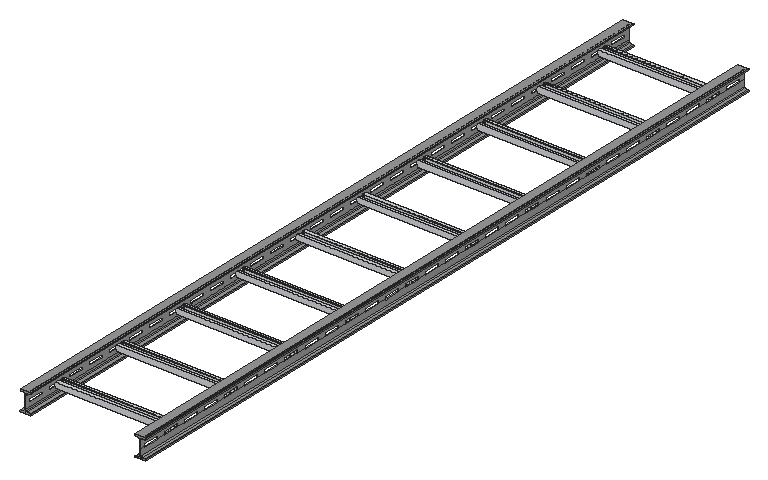
Revit family "Steigeleiter SLS80C40F 50FT", category Generic Models, Revit 2017
Family settings
  Can host rebar = No
  Round Connector Dimension = Use Diameter
  Part Type = Normal
  Work Plane-Based = No
  Always vertical = Yes
  Cut with Voids When Loaded = No
  Shared = No
  Room Calculation Point = No
Parameters (values of type "SLS80C40F 50 FT")
  Width = 500 mm
  URL = "http://www.obo-bettermann.com"
  Material = Hot dip galvanised
  Manufacturer Art.No. = "6010113"
  Manufacturer = "OBO BETTERMANN"
  GTIN = "4012196959969"
  Cut's number 2 = 30
  Cut's number = 10
  Article Type = "SLS80C40F 50 FT"
Reference planes
  plane 1 "Center (Front/Back)": y = 0
  plane 2: z = 0
  plane 3 "Center (Left/Right)": x = 0
  plane 4: z = 80
  plane 5: x = 42
  plane 6: x = 21
  plane 7: x = 39.7
  plane 8: x = 2.3
  plane 9: x = 2.3
  plane 10: x = 39.7
  plane 11: y = 3000
  plane 12: y = 165
  plane 13: x = 18.948
  plane 14: x = 23.005
  plane 15: z = 40
  plane 16: y = 2987
  plane 17: y = 2987
  plane 18: z = 28.487
  plane 19: z = 28.487
  plane 20: z = 28.487
  plane 21: z = 28.75
  plane 22: x = 476.949
  plane 23: z = 75.31
  plane 24: z = 73.38
  plane 25: z = 4.69
  plane 26: z = 6.62
  plane 27: x = 500
  plane 28: x = 479
  plane 29: x = 460.374
  plane 30: x = 497.6
  plane 31: z = 75.31
  plane 32: z = 73.38
  plane 33: z = 4.69
  plane 34: z = 6.62
  plane 35: z = 0
  plane 36: z = 40
  plane 37: z = 59.515
  plane 38: z = 22.728
  plane 39: y = 197.289
  plane 40: y = 140.264
  plane 41: y = 185
  plane 42: y = 145
  plane 43: z = 60
  plane 44: z = 20
  plane 45: y = 174
  plane 46: y = 156
  plane 47: z = 51.25
  plane 48: z = 28.75
  plane 49: y = 474
  plane 50: y = 456
  plane 51: z = 51.25
  plane 52: z = 28.75
  plane 53: y = 774
  plane 54: y = 756
  plane 55: z = 51.25
  plane 56: z = 28.75
  plane 57: y = 1074
  plane 58: y = 1056
  plane 59: z = 51.25
  plane 60: z = 28.75
  plane 61: y = 1374
  plane 62: y = 1356
  plane 63: z = 51.25
  plane 64: z = 28.75
  plane 65: y = 1674
  plane 66: y = 1656
  plane 67: z = 51.25
  plane 68: z = 28.75
  plane 69: y = 1974
  plane 70: y = 1956
  plane 71: z = 51.25
  plane 72: z = 28.75
  plane 73: y = 2274
  plane 74: y = 2256
  plane 75: z = 51.25
  plane 76: z = 28.75
  plane 77: y = 2574
  plane 78: y = 2556
  plane 79: z = 51.25
  plane 80: z = 28.75
  plane 81: y = 2874
  plane 82: y = 2856
  plane 83: z = 51.25
  plane 84: z = 28.75
  plane 85: x = 500
  plane 86: x = 0
Forms (mm)
  Extrusion 1, solid, material "Hot dip galvanised" <- "Material"
    sketch origin (0, 0, 0) x (1, 0, 0) y (0, 0, 1)
      loop
        line (0, 80) -> (0, 77.606)
        arc (0, 77.606) -> (0.674, 75.979) -> (2.3, 75.306) r 2.3
        line (2.3, 75.306) -> (15.534, 73.775)
        arc (15.534, 73.775) -> (17.971, 72.509) -> (18.948, 69.943) r 3.858
        line (18.948, 69.943) -> (18.948, 64.602) -> (18.948, 16.62) -> (18.948, 10.114)
        arc (18.948, 10.114) -> (17.951, 7.521) -> (15.472, 6.266) r 3.868
        line (15.472, 6.266) -> (2.135, 4.908)
        arc (2.135, 4.908) -> (0.511, 4.068) -> (0, 2.313) r 2.318
        line (0, 2.313) -> (0, 0) -> (42.017, 0) -> (42.017, 2.595)
        arc (42.017, 2.595) -> (41.419, 4.149) -> (39.933, 4.902) r 2.318
        line (39.933, 4.902) -> (26.502, 6.265)
        arc (26.502, 6.265) -> (24.009, 7.527) -> (23.005, 10.134) r 3.889
        line (23.005, 10.134) -> (23.005, 18.934) -> (23.005, 65.175) -> (23.005, 69.905)
        arc (23.005, 69.905) -> (23.994, 72.499) -> (26.457, 73.778) r 3.899
        line (26.457, 73.778) -> (39.695, 75.306)
        arc (39.695, 75.306) -> (41.416, 76.071) -> (42, 77.861) r 2.317
        line (42, 77.861) -> (42, 80) -> (0, 80)
    from -3000 to 0
  Extrusion 2, void
    sketch origin (0, 0, 0) x (0, 1, 0) y (0, 0, 1)
      loop
        line (2983, 33) -> (2983, 47) -> (2913, 47) -> (2913, 33) -> (2983, 33)
    from 18.987 to 23
  Extrusion 3, void
    sketch origin (0.098, 0, 0) x (0, 1, 0) y (0, 0, 1)
      loop
        line (83, 47) -> (13, 47) -> (13, 33) -> (83, 33) -> (83, 47)
    from 18.889 to 23
  Extrusion 4, void
    sketch origin (0, 100, 0) x (0, 1, 0) y (0, 0, 1)
      loop
        line (83, 47) -> (13, 47) -> (13, 33) -> (83, 33) -> (83, 47)
    from 18.889 to 23
  Extrusion 5, void
    sketch origin (0, 200, 0) x (0, 1, 0) y (0, 0, 1)
      loop
        line (83, 47) -> (13, 47) -> (13, 33) -> (83, 33) -> (83, 47)
    from 18.889 to 23
  Extrusion 6, void
    sketch origin (0, 300, 0) x (0, 1, 0) y (0, 0, 1)
      loop
        line (83, 47) -> (13, 47) -> (13, 33) -> (83, 33) -> (83, 47)
    from 18.889 to 23
  Extrusion 7, void
    sketch origin (0, 400, 0) x (0, 1, 0) y (0, 0, 1)
      loop
        line (83, 47) -> (13, 47) -> (13, 33) -> (83, 33) -> (83, 47)
    from 18.889 to 23
  Extrusion 8, void
    sketch origin (0, 500, 0) x (0, 1, 0) y (0, 0, 1)
      loop
        line (83, 47) -> (13, 47) -> (13, 33) -> (83, 33) -> (83, 47)
    from 18.889 to 23
  Extrusion 9, void
    sketch origin (0, 600, 0) x (0, 1, 0) y (0, 0, 1)
      loop
        line (83, 47) -> (13, 47) -> (13, 33) -> (83, 33) -> (83, 47)
    from 18.889 to 23
  Extrusion 10, void
    sketch origin (0, 700, 0) x (0, 1, 0) y (0, 0, 1)
      loop
        line (83, 47) -> (13, 47) -> (13, 33) -> (83, 33) -> (83, 47)
    from 18.889 to 23
  Extrusion 11, void
    sketch origin (0, 800, 0) x (0, 1, 0) y (0, 0, 1)
      loop
        line (83, 47) -> (13, 47) -> (13, 33) -> (83, 33) -> (83, 47)
    from 18.889 to 23
  Extrusion 12, void
    sketch origin (0, 900, 0) x (0, 1, 0) y (0, 0, 1)
      loop
        line (83, 47) -> (13, 47) -> (13, 33) -> (83, 33) -> (83, 47)
    from 18.889 to 23
  Extrusion 13, void
    sketch origin (0, 1000, 0) x (0, 1, 0) y (0, 0, 1)
      loop
        line (83, 47) -> (13, 47) -> (13, 33) -> (83, 33) -> (83, 47)
    from 18.889 to 23
  Extrusion 14, void
    sketch origin (0, 1100, 0) x (0, 1, 0) y (0, 0, 1)
      loop
        line (83, 47) -> (13, 47) -> (13, 33) -> (83, 33) -> (83, 47)
    from 18.889 to 23
  Extrusion 15, void
    sketch origin (0, 1200, 0) x (0, 1, 0) y (0, 0, 1)
      loop
        line (83, 47) -> (13, 47) -> (13, 33) -> (83, 33) -> (83, 47)
    from 18.889 to 23
  Extrusion 16, void
    sketch origin (0, 1300, 0) x (0, 1, 0) y (0, 0, 1)
      loop
        line (83, 47) -> (13, 47) -> (13, 33) -> (83, 33) -> (83, 47)
    from 18.889 to 23
  Extrusion 17, void
    sketch origin (0, 1400, 0) x (0, 1, 0) y (0, 0, 1)
      loop
        line (83, 47) -> (13, 47) -> (13, 33) -> (83, 33) -> (83, 47)
    from 18.889 to 23
  Extrusion 18, void
    sketch origin (0, 1500, 0) x (0, 1, 0) y (0, 0, 1)
      loop
        line (83, 47) -> (13, 47) -> (13, 33) -> (83, 33) -> (83, 47)
    from 18.889 to 23
  Extrusion 19, void
    sketch origin (0, 1600, 0) x (0, 1, 0) y (0, 0, 1)
      loop
        line (83, 47) -> (13, 47) -> (13, 33) -> (83, 33) -> (83, 47)
    from 18.889 to 23
  Extrusion 20, void
    sketch origin (0, 1700, 0) x (0, 1, 0) y (0, 0, 1)
      loop
        line (83, 47) -> (13, 47) -> (13, 33) -> (83, 33) -> (83, 47)
    from 18.889 to 23
  Extrusion 21, void
    sketch origin (0, 1800, 0) x (0, 1, 0) y (0, 0, 1)
      loop
        line (83, 47) -> (13, 47) -> (13, 33) -> (83, 33) -> (83, 47)
    from 18.889 to 23
  Extrusion 22, void
    sketch origin (0, 1900, 0) x (0, 1, 0) y (0, 0, 1)
      loop
        line (83, 47) -> (13, 47) -> (13, 33) -> (83, 33) -> (83, 47)
    from 18.889 to 23
  Extrusion 23, void
    sketch origin (0, 2000, 0) x (0, 1, 0) y (0, 0, 1)
      loop
        line (83, 47) -> (13, 47) -> (13, 33) -> (83, 33) -> (83, 47)
    from 18.889 to 23
  Extrusion 24, void
    sketch origin (0, 2100, 0) x (0, 1, 0) y (0, 0, 1)
      loop
        line (83, 47) -> (13, 47) -> (13, 33) -> (83, 33) -> (83, 47)
    from 18.889 to 23
  Extrusion 25, void
    sketch origin (0, 2200, 0) x (0, 1, 0) y (0, 0, 1)
      loop
        line (83, 47) -> (13, 47) -> (13, 33) -> (83, 33) -> (83, 47)
    from 18.889 to 23
  Extrusion 26, void
    sketch origin (0, 2300, 0) x (0, 1, 0) y (0, 0, 1)
      loop
        line (83, 47) -> (13, 47) -> (13, 33) -> (83, 33) -> (83, 47)
    from 18.889 to 23
  Extrusion 27, void
    sketch origin (0, 2400, 0) x (0, 1, 0) y (0, 0, 1)
      loop
        line (83, 47) -> (13, 47) -> (13, 33) -> (83, 33) -> (83, 47)
    from 18.889 to 23
  Extrusion 28, void
    sketch origin (0, 2500, 0) x (0, 1, 0) y (0, 0, 1)
      loop
        line (83, 47) -> (13, 47) -> (13, 33) -> (83, 33) -> (83, 47)
    from 18.889 to 23
  Extrusion 29, void
    sketch origin (0, 2600, 0) x (0, 1, 0) y (0, 0, 1)
      loop
        line (83, 47) -> (13, 47) -> (13, 33) -> (83, 33) -> (83, 47)
    from 18.889 to 23
  Extrusion 30, void
    sketch origin (0, 2700, 0) x (0, 1, 0) y (0, 0, 1)
      loop
        line (83, 47) -> (13, 47) -> (13, 33) -> (83, 33) -> (83, 47)
    from 18.889 to 23
  Extrusion 31, void
    sketch origin (0, 2800, 0) x (0, 1, 0) y (0, 0, 1)
      loop
        line (83, 47) -> (13, 47) -> (13, 33) -> (83, 33) -> (83, 47)
    from 18.889 to 23
  Extrusion 32, solid, material "Hot dip galvanised" <- "Material"
    sketch origin (100, 0, 0) x (1, 0, 0) y (0, 0, 1)
      loop
        line (400, 0) -> (400, 2.303)
        arc (400, 2.303) -> (399.337, 3.963) -> (397.688, 4.654) r 2.312
        line (397.688, 4.654) -> (384.401, 6.218)
        arc (384.401, 6.218) -> (381.964, 7.489) -> (380.987, 10.057) r 3.866
        line (380.987, 10.057) -> (380.987, 35.622) -> (380.987, 69.848)
        arc (380.987, 69.848) -> (381.996, 72.468) -> (384.501, 73.737) r 3.909
        line (384.501, 73.737) -> (397.906, 75.097)
        arc (397.906, 75.097) -> (399.399, 75.853) -> (400, 77.414) r 2.329
        line (400, 77.414) -> (400, 80) -> (357.974, 80) -> (357.974, 77.42)
        arc (357.974, 77.42) -> (358.577, 75.854) -> (360.073, 75.097) r 2.335
        line (360.073, 75.097) -> (373.486, 73.732)
        arc (373.486, 73.732) -> (375.955, 72.482) -> (376.949, 69.898) r 3.854
        line (376.949, 69.898) -> (376.949, 10.076)
        arc (376.949, 10.076) -> (375.966, 7.499) -> (373.515, 6.232) r 3.868
        line (373.515, 6.232) -> (360.308, 4.739)
        arc (360.308, 4.739) -> (358.656, 4.055) -> (357.972, 2.403) r 2.337
        line (357.972, 2.403) -> (357.972, 0) -> (400, 0)
    from -3000 to 0
  Extrusion 33, void
    sketch origin (0, 0, 0) x (0, 1, 0) y (0, 0, 1)
      loop
        line (13, 47) -> (13, 33) -> (83, 33) -> (83, 47) -> (13, 47)
    from 476.949 to 480.987
  Extrusion 34, void
    sketch origin (0, 100, 0) x (0, 1, 0) y (0, 0, 1)
      loop
        line (13, 47) -> (13, 33) -> (83, 33) -> (83, 47) -> (13, 47)
    from 476.949 to 480.987
  Extrusion 35, void
    sketch origin (0, 200, 0) x (0, 1, 0) y (0, 0, 1)
      loop
        line (13, 47) -> (13, 33) -> (83, 33) -> (83, 47) -> (13, 47)
    from 476.949 to 480.987
  Extrusion 36, void
    sketch origin (0, 300, 0) x (0, 1, 0) y (0, 0, 1)
      loop
        line (13, 47) -> (13, 33) -> (83, 33) -> (83, 47) -> (13, 47)
    from 476.949 to 480.987
  Extrusion 37, void
    sketch origin (0, 400, 0) x (0, 1, 0) y (0, 0, 1)
      loop
        line (13, 47) -> (13, 33) -> (83, 33) -> (83, 47) -> (13, 47)
    from 476.949 to 480.987
  Extrusion 38, void
    sketch origin (0, 500, 0) x (0, 1, 0) y (0, 0, 1)
      loop
        line (13, 47) -> (13, 33) -> (83, 33) -> (83, 47) -> (13, 47)
    from 476.949 to 480.987
  Extrusion 39, void
    sketch origin (0, 600, 0) x (0, 1, 0) y (0, 0, 1)
      loop
        line (13, 47) -> (13, 33) -> (83, 33) -> (83, 47) -> (13, 47)
    from 476.949 to 480.987
  Extrusion 40, void
    sketch origin (0, 700, 0) x (0, 1, 0) y (0, 0, 1)
      loop
        line (13, 47) -> (13, 33) -> (83, 33) -> (83, 47) -> (13, 47)
    from 476.949 to 480.987
  Extrusion 41, void
    sketch origin (0, 800, 0) x (0, 1, 0) y (0, 0, 1)
      loop
        line (13, 47) -> (13, 33) -> (83, 33) -> (83, 47) -> (13, 47)
    from 476.949 to 480.987
  Extrusion 42, void
    sketch origin (0, 900, 0) x (0, 1, 0) y (0, 0, 1)
      loop
        line (13, 47) -> (13, 33) -> (83, 33) -> (83, 47) -> (13, 47)
    from 476.949 to 480.987
  Extrusion 43, void
    sketch origin (0, 1000, 0) x (0, 1, 0) y (0, 0, 1)
      loop
        line (13, 47) -> (13, 33) -> (83, 33) -> (83, 47) -> (13, 47)
    from 476.949 to 480.987
  Extrusion 44, void
    sketch origin (0, 1100, 0) x (0, 1, 0) y (0, 0, 1)
      loop
        line (13, 47) -> (13, 33) -> (83, 33) -> (83, 47) -> (13, 47)
    from 476.949 to 480.987
  Extrusion 45, void
    sketch origin (0, 1200, 0) x (0, 1, 0) y (0, 0, 1)
      loop
        line (13, 47) -> (13, 33) -> (83, 33) -> (83, 47) -> (13, 47)
    from 476.949 to 480.987
  Extrusion 46, void
    sketch origin (0, 1300, 0) x (0, 1, 0) y (0, 0, 1)
      loop
        line (13, 47) -> (13, 33) -> (83, 33) -> (83, 47) -> (13, 47)
    from 476.949 to 480.987
  Extrusion 47, void
    sketch origin (0, 1400, 0) x (0, 1, 0) y (0, 0, 1)
      loop
        line (13, 47) -> (13, 33) -> (83, 33) -> (83, 47) -> (13, 47)
    from 476.949 to 480.987
  Extrusion 48, void
    sketch origin (0, 1500, 0) x (0, 1, 0) y (0, 0, 1)
      loop
        line (13, 47) -> (13, 33) -> (83, 33) -> (83, 47) -> (13, 47)
    from 476.949 to 480.987
  Extrusion 49, void
    sketch origin (0, 1600, 0) x (0, 1, 0) y (0, 0, 1)
      loop
        line (13, 47) -> (13, 33) -> (83, 33) -> (83, 47) -> (13, 47)
    from 476.949 to 480.987
  Extrusion 50, void
    sketch origin (0, 1700, 0) x (0, 1, 0) y (0, 0, 1)
      loop
        line (13, 47) -> (13, 33) -> (83, 33) -> (83, 47) -> (13, 47)
    from 476.949 to 480.987
  Extrusion 51, void
    sketch origin (0, 1800, 0) x (0, 1, 0) y (0, 0, 1)
      loop
        line (13, 47) -> (13, 33) -> (83, 33) -> (83, 47) -> (13, 47)
    from 476.949 to 480.987
  Extrusion 52, void
    sketch origin (0, 1900, 0) x (0, 1, 0) y (0, 0, 1)
      loop
        line (13, 47) -> (13, 33) -> (83, 33) -> (83, 47) -> (13, 47)
    from 476.949 to 480.987
  Extrusion 53, void
    sketch origin (0, 2000, 0) x (0, 1, 0) y (0, 0, 1)
      loop
        line (13, 47) -> (13, 33) -> (83, 33) -> (83, 47) -> (13, 47)
    from 476.949 to 480.987
  Extrusion 54, void
    sketch origin (0, 2100, 0) x (0, 1, 0) y (0, 0, 1)
      loop
        line (13, 47) -> (13, 33) -> (83, 33) -> (83, 47) -> (13, 47)
    from 476.949 to 480.987
  Extrusion 55, void
    sketch origin (0, 2200, 0) x (0, 1, 0) y (0, 0, 1)
      loop
        line (13, 47) -> (13, 33) -> (83, 33) -> (83, 47) -> (13, 47)
    from 476.949 to 480.987
  Extrusion 56, void
    sketch origin (0, 2300, 0) x (0, 1, 0) y (0, 0, 1)
      loop
        line (13, 47) -> (13, 33) -> (83, 33) -> (83, 47) -> (13, 47)
    from 476.949 to 480.987
  Extrusion 57, void
    sketch origin (0, 2400, 0) x (0, 1, 0) y (0, 0, 1)
      loop
        line (13, 47) -> (13, 33) -> (83, 33) -> (83, 47) -> (13, 47)
    from 476.949 to 480.987
  Extrusion 58, void
    sketch origin (0, 2500, 0) x (0, 1, 0) y (0, 0, 1)
      loop
        line (13, 47) -> (13, 33) -> (83, 33) -> (83, 47) -> (13, 47)
    from 476.949 to 480.987
  Extrusion 59, void
    sketch origin (0, 2600, 0) x (0, 1, 0) y (0, 0, 1)
      loop
        line (13, 47) -> (13, 33) -> (83, 33) -> (83, 47) -> (13, 47)
    from 476.949 to 480.987
  Extrusion 60, void
    sketch origin (0, 2700, 0) x (0, 1, 0) y (0, 0, 1)
      loop
        line (13, 47) -> (13, 33) -> (83, 33) -> (83, 47) -> (13, 47)
    from 476.949 to 480.987
  Extrusion 61, void
    sketch origin (0, 2800, 0) x (0, 1, 0) y (0, 0, 1)
      loop
        line (13, 47) -> (13, 33) -> (83, 33) -> (83, 47) -> (13, 47)
    from 476.949 to 480.987
  Extrusion 62, void
    sketch origin (0, 2900, 0) x (0, 1, 0) y (0, 0, 1)
      loop
        line (13, 47) -> (13, 33) -> (83, 33) -> (83, 47) -> (13, 47)
    from 476.949 to 480.987
  Extrusion 63, solid
    sketch origin (0, 0, 0) x (0, 1, 0) y (0, 0, 1)
      loop
        line (145, 51.25) -> (145, 28.75) -> (185, 28.75) -> (185, 51.25) -> (174, 51.25) -> (174, 49.25) -> (183, 49.25) -> (183, 30.75) -> (147, 30.75) -> (147, 49.25) -> (156, 49.25) -> (156, 51.25) -> (145, 51.25)
    from 23.005 to 476.949
  Extrusion 64, solid
    sketch origin (0, 300, 0) x (0, 1, 0) y (0, 0, 1)
      loop
        line (145, 51.25) -> (145, 28.75) -> (185, 28.75) -> (185, 51.25) -> (174, 51.25) -> (174, 49.25) -> (183, 49.25) -> (183, 30.75) -> (147, 30.75) -> (147, 49.25) -> (156, 49.25) -> (156, 51.25) -> (145, 51.25)
    from 23.005 to 476.949
  Extrusion 65, solid
    sketch origin (0, 600, 0) x (0, 1, 0) y (0, 0, 1)
      loop
        line (145, 51.25) -> (145, 28.75) -> (185, 28.75) -> (185, 51.25) -> (174, 51.25) -> (174, 49.25) -> (183, 49.25) -> (183, 30.75) -> (147, 30.75) -> (147, 49.25) -> (156, 49.25) -> (156, 51.25) -> (145, 51.25)
    from 23.005 to 476.949
  Extrusion 66, solid
    sketch origin (0, 900, 0) x (0, 1, 0) y (0, 0, 1)
      loop
        line (145, 51.25) -> (145, 28.75) -> (185, 28.75) -> (185, 51.25) -> (174, 51.25) -> (174, 49.25) -> (183, 49.25) -> (183, 30.75) -> (147, 30.75) -> (147, 49.25) -> (156, 49.25) -> (156, 51.25) -> (145, 51.25)
    from 23.005 to 476.949
  Extrusion 67, solid
    sketch origin (0, 1200, 0) x (0, 1, 0) y (0, 0, 1)
      loop
        line (145, 51.25) -> (145, 28.75) -> (185, 28.75) -> (185, 51.25) -> (174, 51.25) -> (174, 49.25) -> (183, 49.25) -> (183, 30.75) -> (147, 30.75) -> (147, 49.25) -> (156, 49.25) -> (156, 51.25) -> (145, 51.25)
    from 23.005 to 476.949
  Extrusion 68, solid
    sketch origin (0, 1500, 0) x (0, 1, 0) y (0, 0, 1)
      loop
        line (145, 51.25) -> (145, 28.75) -> (185, 28.75) -> (185, 51.25) -> (174, 51.25) -> (174, 49.25) -> (183, 49.25) -> (183, 30.75) -> (147, 30.75) -> (147, 49.25) -> (156, 49.25) -> (156, 51.25) -> (145, 51.25)
    from 23.005 to 476.949
  Extrusion 69, solid
    sketch origin (0, 1800, 0) x (0, 1, 0) y (0, 0, 1)
      loop
        line (145, 51.25) -> (145, 28.75) -> (185, 28.75) -> (185, 51.25) -> (174, 51.25) -> (174, 49.25) -> (183, 49.25) -> (183, 30.75) -> (147, 30.75) -> (147, 49.25) -> (156, 49.25) -> (156, 51.25) -> (145, 51.25)
    from 23.005 to 476.949
  Extrusion 70, solid
    sketch origin (0, 2100, 0) x (0, 1, 0) y (0, 0, 1)
      loop
        line (145, 51.25) -> (145, 28.75) -> (185, 28.75) -> (185, 51.25) -> (174, 51.25) -> (174, 49.25) -> (183, 49.25) -> (183, 30.75) -> (147, 30.75) -> (147, 49.25) -> (156, 49.25) -> (156, 51.25) -> (145, 51.25)
    from 23.005 to 476.949
  Extrusion 71, solid
    sketch origin (0, 2400, 0) x (0, 1, 0) y (0, 0, 1)
      loop
        line (145, 51.25) -> (145, 28.75) -> (185, 28.75) -> (185, 51.25) -> (174, 51.25) -> (174, 49.25) -> (183, 49.25) -> (183, 30.75) -> (147, 30.75) -> (147, 49.25) -> (156, 49.25) -> (156, 51.25) -> (145, 51.25)
    from 23.005 to 476.949
  Extrusion 72, solid
    sketch origin (0, 2700, 0) x (0, 1, 0) y (0, 0, 1)
      loop
        line (145, 51.25) -> (145, 28.75) -> (185, 28.75) -> (185, 51.25) -> (174, 51.25) -> (174, 49.25) -> (183, 49.25) -> (183, 30.75) -> (147, 30.75) -> (147, 49.25) -> (156, 49.25) -> (156, 51.25) -> (145, 51.25)
    from 23.005 to 476.949
Cuts and joins
  Extrusion 2, Extrusion 3, Extrusion 4, Extrusion 5, Extrusion 6, Extrusion 7, Extrusion 8, Extrusion 9, Extrusion 10, Extrusion 11, Extrusion 12, Extrusion 13, Extrusion 14, Extrusion 15, Extrusion 16, Extrusion 17, Extrusion 18, Extrusion 19, Extrusion 20, Extrusion 21, Extrusion 22, Extrusion 23, Extrusion 24, Extrusion 25, Extrusion 26, Extrusion 27, Extrusion 28, Extrusion 29, Extrusion 30, Extrusion 31 cuts Extrusion 1
  Extrusion 33, Extrusion 34, Extrusion 35, Extrusion 36, Extrusion 37, Extrusion 38, Extrusion 39, Extrusion 40, Extrusion 41, Extrusion 42, Extrusion 43, Extrusion 44, Extrusion 45, Extrusion 46, Extrusion 47, Extrusion 48, Extrusion 49, Extrusion 50, Extrusion 51, Extrusion 52, Extrusion 53, Extrusion 54, Extrusion 55, Extrusion 56, Extrusion 57, Extrusion 58, Extrusion 59, Extrusion 60, Extrusion 61, Extrusion 62 cuts Extrusion 32
Dimensions and locks
  locked: plane 6 to Extrusion 1 sketch curve at 21
  locked: Extrusion 1 sketch curve to Extrusion 1 sketch curve at 80
  locked: Extrusion 1 sketch curve to Extrusion 1 sketch curve at 42
  locked: Extrusion 1 sketch curve to Extrusion 1 sketch curve at 42.017
  locked: plane 1 "Center (Front/Back)" to plane 11 at 3000
  locked: cut or joined group 1 (Extrusion 1, Extrusion 2, Extrusion 3, Extrusion 4, Extrusion 5, Extrusion 6, Extrusion 7, Extrusion 8, Extrusion 9, Extrusion 10, Extrusion 11, Extrusion 12, Extrusion 13, Extrusion 14, Extrusion 15, Extrusion 16, Extrusion 17, Extrusion 18, Extrusion 19, Extrusion 20, Extrusion 21, Extrusion 22, Extrusion 23, Extrusion 24, Extrusion 25, Extrusion 26, Extrusion 27, Extrusion 28, Extrusion 29, Extrusion 30, Extrusion 31) to plane 15 at 40
  Extrusion 2 sketch curve to Extrusion 2 sketch curve = 70 mm
  cut or joined group 1 to Extrusion 2 sketch curve = 17 mm
  locked: Extrusion 2 sketch curve to Extrusion 2 sketch curve at 14
  locked: Extrusion 2 sketch curve to plane 15 at 7
  locked: plane 25 to Extrusion 1 sketch curve at 4.69
  locked: cut or joined group 1 to cut or joined group 1 at 42
  locked: cut or joined group 1 to cut or joined group 1 at 42.017
  locked: plane 27 to plane 28 at 21
  locked: Extrusion 32 sketch curve to Extrusion 32 sketch curve at 80
  locked: Extrusion 32 sketch curve to Extrusion 32 sketch curve at 42.028  (x2)
  locked: Extrusion 32 sketch curve to Extrusion 32 sketch curve at 42.026
  locked: plane 33 to plane 35 at 4.69
  locked: plane 34 to plane 35 at 6.62
  Extrusion 32 sketch curve to Extrusion 32 sketch curve = 80 mm
  locked: Extrusion 32 sketch curve to Extrusion 32 sketch curve at 4.038
  locked: Extrusion 32 sketch curve to Extrusion 32 sketch curve at 6.192
  locked: Extrusion 32 sketch curve to Extrusion 32 sketch curve at 6.232
  locked: Extrusion 32 sketch curve to Extrusion 32 sketch curve at 6.268
  locked: Extrusion 32 sketch curve to Extrusion 32 sketch curve at 6.243
  locked: cut or joined group 1 to cut or joined group 1 at 14
  locked: cut or joined group 1 to cut or joined group 1 at 70
  equal spacing: group 30, group 31, group 32, group 33, group 34, group 35, group 36, group 37, group 38, group 39, group 40, group 41, group 42, group 43, group 44, group 45, group 46, group 47, group 48, group 49, group 50, group 51, group 52, group 53, group 54, group 55, group 56, group 57, group 58, group 59  (x3)
  locked: plane 1 "Center (Front/Back)" to plane 12 at 165
  cut or joined group 2 (Extrusion 32, Extrusion 33, Extrusion 34, Extrusion 35, Extrusion 36, Extrusion 37, Extrusion 38, Extrusion 39, Extrusion 40, Extrusion 41, Extrusion 42, Extrusion 43, Extrusion 44, Extrusion 45, Extrusion 46, Extrusion 47, Extrusion 48, Extrusion 49, Extrusion 50, Extrusion 51, Extrusion 52, Extrusion 53, Extrusion 54, Extrusion 55, Extrusion 56, Extrusion 57, Extrusion 58, Extrusion 59, Extrusion 60, Extrusion 61, Extrusion 62) to cut or joined group 2 = 80 mm
  locked: cut or joined group 2 to plane 36 at 40
  plane 12 to plane 39 = 32.289 mm
  locked: plane 36 to plane 43 at 20
  locked: plane 36 to plane 44 at 20
  plane 12 to plane 41 = 20 mm
  locked: plane 42 to plane 12 at 20
  locked: Extrusion 63 sketch curve to Extrusion 63 sketch curve at 22.5  (x2)
  locked: Extrusion 63 sketch curve to Extrusion 63 sketch curve at 40
  locked: Extrusion 63 sketch curve to Extrusion 63 sketch curve at 18
  locked: Extrusion 63 sketch curve to Extrusion 63 sketch curve at 18.5  (x2)
  locked: Extrusion 64 sketch curve to Extrusion 64 sketch curve at 22.5  (x2)
  locked: Extrusion 64 sketch curve to Extrusion 64 sketch curve at 40
  locked: Extrusion 64 sketch curve to Extrusion 64 sketch curve at 18
  locked: Extrusion 64 sketch curve to Extrusion 64 sketch curve at 18.5  (x2)
  equal spacing: group 60, group 61, group 62, group 63, group 64, group 65, group 66, group 67, group 68, group 69  (x3)
  locked: Extrusion 65 sketch curve to Extrusion 65 sketch curve at 22.5  (x2)
  locked: Extrusion 65 sketch curve to Extrusion 65 sketch curve at 40
  locked: Extrusion 65 sketch curve to Extrusion 65 sketch curve at 18
  locked: Extrusion 65 sketch curve to Extrusion 65 sketch curve at 18.5  (x2)
  locked: Extrusion 66 sketch curve to Extrusion 66 sketch curve at 22.5  (x2)
  locked: Extrusion 66 sketch curve to Extrusion 66 sketch curve at 40
  locked: Extrusion 66 sketch curve to Extrusion 66 sketch curve at 18
  locked: Extrusion 66 sketch curve to Extrusion 66 sketch curve at 18.5  (x2)
  locked: Extrusion 67 sketch curve to Extrusion 67 sketch curve at 22.5  (x2)
  locked: Extrusion 67 sketch curve to Extrusion 67 sketch curve at 40
  locked: Extrusion 67 sketch curve to Extrusion 67 sketch curve at 18
  locked: Extrusion 67 sketch curve to Extrusion 67 sketch curve at 18.5  (x2)
  locked: Extrusion 68 sketch curve to Extrusion 68 sketch curve at 22.5  (x2)
  locked: Extrusion 68 sketch curve to Extrusion 68 sketch curve at 40
  locked: Extrusion 68 sketch curve to Extrusion 68 sketch curve at 18
  locked: Extrusion 68 sketch curve to Extrusion 68 sketch curve at 18.5  (x2)
  locked: Extrusion 69 sketch curve to Extrusion 69 sketch curve at 22.5  (x2)
  locked: Extrusion 69 sketch curve to Extrusion 69 sketch curve at 40
  locked: Extrusion 69 sketch curve to Extrusion 69 sketch curve at 18
  locked: Extrusion 69 sketch curve to Extrusion 69 sketch curve at 18.5  (x2)
  locked: Extrusion 70 sketch curve to Extrusion 70 sketch curve at 22.5  (x2)
  locked: Extrusion 70 sketch curve to Extrusion 70 sketch curve at 40
  locked: Extrusion 70 sketch curve to Extrusion 70 sketch curve at 18
  locked: Extrusion 70 sketch curve to Extrusion 70 sketch curve at 18.5  (x2)
  locked: Extrusion 71 sketch curve to Extrusion 71 sketch curve at 22.5  (x2)
  locked: Extrusion 71 sketch curve to Extrusion 71 sketch curve at 40
  locked: Extrusion 71 sketch curve to Extrusion 71 sketch curve at 18
  locked: Extrusion 71 sketch curve to Extrusion 71 sketch curve at 18.5  (x2)
  locked: Extrusion 72 sketch curve to Extrusion 72 sketch curve at 22.5  (x2)
  locked: Extrusion 72 sketch curve to Extrusion 72 sketch curve at 40
  locked: Extrusion 72 sketch curve to Extrusion 72 sketch curve at 18
  locked: Extrusion 72 sketch curve to Extrusion 72 sketch curve at 18.5  (x2)
  locked: Extrusion 63 to cut or joined group 2 at 23.051
  locked: cut or joined group 1 to Extrusion 63 at 23.005
  locked: Extrusion 64 to cut or joined group 2 at 23.051
  locked: cut or joined group 1 to Extrusion 64 at 23.005
  locked: Extrusion 65 to cut or joined group 2 at 23.051
  locked: cut or joined group 1 to Extrusion 65 at 23.005
  "Width": plane 85 to plane 86
  aligned and locked: level to plane 2
  aligned and locked: Extrusion 1 to level
  aligned and locked: plane 1 "Center (Front/Back)" to Extrusion 1
  aligned and locked: plane 11 to Extrusion 1
  aligned and locked: cut or joined group 1 to plane 3 "Center (Left/Right)"  (x2)
  aligned and locked: Extrusion 32 to Extrusion 33
  aligned and locked: Extrusion 33 to plane 22
  aligned and locked: plane 46 to Extrusion 63 sketch curve
  aligned and locked: Extrusion 63 sketch curve to plane 48
  aligned and locked: Extrusion 63 to plane 14
  aligned and locked: plane 22 to Extrusion 63
  aligned and locked: plane 50 to Extrusion 64 sketch curve
  aligned and locked: Extrusion 64 sketch curve to plane 52
  aligned and locked: plane 54 to Extrusion 65 sketch curve
  aligned and locked: Extrusion 65 sketch curve to plane 56
  aligned and locked: plane 58 to Extrusion 66 sketch curve
  aligned and locked: Extrusion 66 sketch curve to plane 60
  aligned and locked: plane 62 to Extrusion 67 sketch curve
  aligned and locked: Extrusion 67 sketch curve to plane 64
  aligned and locked: plane 66 to Extrusion 68 sketch curve
  aligned and locked: Extrusion 68 sketch curve to plane 68
  aligned and locked: plane 70 to Extrusion 69 sketch curve
  aligned and locked: Extrusion 69 sketch curve to plane 72
  aligned and locked: plane 74 to Extrusion 70 sketch curve
  aligned and locked: Extrusion 70 sketch curve to plane 76
  aligned and locked: plane 78 to Extrusion 71 sketch curve
  aligned and locked: Extrusion 71 sketch curve to plane 80
  aligned and locked: plane 82 to Extrusion 72 sketch curve
  aligned and locked: Extrusion 72 sketch curve to plane 84
  aligned and locked: plane 85 to cut or joined group 2  (x2)
  aligned and locked: plane 86 to cut or joined group 1  (x2)
Automatic sketch dimensions
  Extrusion 3 sketch curve to Extrusion 3 sketch curve = 70 mm
  Extrusion 3 sketch curve to Extrusion 3 sketch curve = 14 mm
  Extrusion 4 sketch curve to Extrusion 4 sketch curve = 70 mm
  Extrusion 4 sketch curve to Extrusion 4 sketch curve = 14 mm
  Extrusion 5 sketch curve to Extrusion 5 sketch curve = 70 mm
  Extrusion 5 sketch curve to Extrusion 5 sketch curve = 14 mm
  Extrusion 6 sketch curve to Extrusion 6 sketch curve = 70 mm
  Extrusion 6 sketch curve to Extrusion 6 sketch curve = 14 mm
  Extrusion 7 sketch curve to Extrusion 7 sketch curve = 70 mm
  Extrusion 7 sketch curve to Extrusion 7 sketch curve = 14 mm
  Extrusion 8 sketch curve to Extrusion 8 sketch curve = 70 mm
  Extrusion 8 sketch curve to Extrusion 8 sketch curve = 14 mm
  Extrusion 9 sketch curve to Extrusion 9 sketch curve = 70 mm
  Extrusion 9 sketch curve to Extrusion 9 sketch curve = 14 mm
  Extrusion 10 sketch curve to Extrusion 10 sketch curve = 70 mm
  Extrusion 10 sketch curve to Extrusion 10 sketch curve = 14 mm
  Extrusion 11 sketch curve to Extrusion 11 sketch curve = 70 mm
  Extrusion 11 sketch curve to Extrusion 11 sketch curve = 14 mm
  Extrusion 12 sketch curve to Extrusion 12 sketch curve = 70 mm
  Extrusion 12 sketch curve to Extrusion 12 sketch curve = 14 mm
  Extrusion 13 sketch curve to Extrusion 13 sketch curve = 70 mm
  Extrusion 13 sketch curve to Extrusion 13 sketch curve = 14 mm
  Extrusion 14 sketch curve to Extrusion 14 sketch curve = 70 mm
  Extrusion 14 sketch curve to Extrusion 14 sketch curve = 14 mm
  Extrusion 15 sketch curve to Extrusion 15 sketch curve = 70 mm
  Extrusion 15 sketch curve to Extrusion 15 sketch curve = 14 mm
  Extrusion 16 sketch curve to Extrusion 16 sketch curve = 70 mm
  Extrusion 16 sketch curve to Extrusion 16 sketch curve = 14 mm
  Extrusion 17 sketch curve to Extrusion 17 sketch curve = 70 mm
  Extrusion 17 sketch curve to Extrusion 17 sketch curve = 14 mm
  Extrusion 18 sketch curve to Extrusion 18 sketch curve = 70 mm
  Extrusion 18 sketch curve to Extrusion 18 sketch curve = 14 mm
  Extrusion 19 sketch curve to Extrusion 19 sketch curve = 70 mm
  Extrusion 19 sketch curve to Extrusion 19 sketch curve = 14 mm
  Extrusion 20 sketch curve to Extrusion 20 sketch curve = 70 mm
  Extrusion 20 sketch curve to Extrusion 20 sketch curve = 14 mm
  Extrusion 21 sketch curve to Extrusion 21 sketch curve = 70 mm
  Extrusion 21 sketch curve to Extrusion 21 sketch curve = 14 mm
  Extrusion 22 sketch curve to Extrusion 22 sketch curve = 70 mm
  Extrusion 22 sketch curve to Extrusion 22 sketch curve = 14 mm
  Extrusion 23 sketch curve to Extrusion 23 sketch curve = 70 mm
  Extrusion 23 sketch curve to Extrusion 23 sketch curve = 14 mm
  Extrusion 24 sketch curve to Extrusion 24 sketch curve = 70 mm
  Extrusion 24 sketch curve to Extrusion 24 sketch curve = 14 mm
  Extrusion 25 sketch curve to Extrusion 25 sketch curve = 70 mm
  Extrusion 25 sketch curve to Extrusion 25 sketch curve = 14 mm
  Extrusion 26 sketch curve to Extrusion 26 sketch curve = 70 mm
  Extrusion 26 sketch curve to Extrusion 26 sketch curve = 14 mm
  Extrusion 27 sketch curve to Extrusion 27 sketch curve = 70 mm
  Extrusion 27 sketch curve to Extrusion 27 sketch curve = 14 mm
  Extrusion 28 sketch curve to Extrusion 28 sketch curve = 70 mm
  Extrusion 28 sketch curve to Extrusion 28 sketch curve = 14 mm
  Extrusion 29 sketch curve to Extrusion 29 sketch curve = 70 mm
  Extrusion 29 sketch curve to Extrusion 29 sketch curve = 14 mm
  Extrusion 30 sketch curve to Extrusion 30 sketch curve = 70 mm
  Extrusion 30 sketch curve to Extrusion 30 sketch curve = 14 mm
  Extrusion 31 sketch curve to Extrusion 31 sketch curve = 70 mm
  Extrusion 31 sketch curve to Extrusion 31 sketch curve = 14 mm
  Extrusion 1 sketch curve to plane 8 = 0.165 mm
  plane 8 to Extrusion 1 sketch curve = 0 mm
  plane 8 to Extrusion 1 sketch curve = 0.001 mm
  Extrusion 1 sketch curve to Extrusion 1 sketch curve = 3.868 mm
  Extrusion 1 sketch curve to Extrusion 1 sketch curve = 3.858 mm
  Extrusion 1 sketch curve to plane 26 = 0.354 mm
  plane 24 to Extrusion 1 sketch curve = 0.395 mm
  plane 24 to Extrusion 1 sketch curve = 0.398 mm
  Extrusion 1 sketch curve to plane 26 = 0.355 mm
  Extrusion 1 sketch curve to Extrusion 1 sketch curve = 0.393 mm
  Extrusion 1 sketch curve to plane 24 = 3.475 mm
  Extrusion 1 sketch curve to plane 7 = 0.005 mm
  Extrusion 1 sketch curve to plane 7 = 0.001 mm
  Extrusion 1 sketch curve to plane 25 = 2.095 mm
  Extrusion 1 sketch curve to Extrusion 1 sketch curve = 6.506 mm
  Extrusion 1 sketch curve to Extrusion 1 sketch curve = 2.314 mm
  Extrusion 1 sketch curve to Extrusion 1 sketch curve = 5.34 mm
  Extrusion 1 sketch curve to Extrusion 1 sketch curve = 0.573 mm
  Extrusion 1 sketch curve to plane 23 = 0.004 mm  (x2)
  Extrusion 1 sketch curve to Extrusion 1 sketch curve = 2.317 mm
  Extrusion 1 sketch curve to plane 8 = 2.3 mm
  Extrusion 1 sketch curve to plane 6 = 5.92 mm
  Extrusion 1 sketch curve to Extrusion 1 sketch curve = 0.392 mm
  Extrusion 1 sketch curve to Extrusion 1 sketch curve = 0.443 mm
  plane 6 to Extrusion 1 sketch curve = 2.005 mm
  Extrusion 1 sketch curve to Extrusion 1 sketch curve = 3.452 mm
  Extrusion 1 sketch curve to Extrusion 1 sketch curve = 3.496 mm
  Extrusion 32 sketch curve to plane 27 = 0 mm  (x2)
  Extrusion 32 sketch curve to plane 29 = 0.301 mm
  Extrusion 32 sketch curve to plane 29 = 0.066 mm  (x2)
  Extrusion 32 sketch curve to plane 29 = 0.065 mm
  Extrusion 32 sketch curve to Extrusion 32 sketch curve = 0.39 mm
  Extrusion 32 sketch curve to Extrusion 32 sketch curve = 3.414 mm
  plane 30 to Extrusion 32 sketch curve = 0.071 mm
  plane 30 to Extrusion 32 sketch curve = 0.088 mm
  Extrusion 32 sketch curve to Extrusion 32 sketch curve = 2.303 mm
  plane 28 to Extrusion 32 sketch curve = 1.987 mm
  Extrusion 32 sketch curve to Extrusion 32 sketch curve = 0.395 mm
  Extrusion 32 sketch curve to plane 35 = 0 mm
  Extrusion 32 sketch curve to Extrusion 32 sketch curve = 25.564 mm
  Extrusion 32 sketch curve to plane 31 = 0.213 mm
  Extrusion 32 sketch curve to plane 27 = 2.094 mm
  Extrusion 32 sketch curve to plane 32 = 3.482 mm
  Extrusion 32 sketch curve to plane 22 = 3.434 mm
  Extrusion 32 sketch curve to Extrusion 32 sketch curve = 0.038 mm
  Extrusion 32 sketch curve to plane 33 = 2.287 mm
  level to Extrusion 1 sketch curve = 2.313 mm
  Extrusion 33 sketch curve to Extrusion 33 sketch curve = 70 mm
  Extrusion 33 sketch curve to Extrusion 33 sketch curve = 14 mm
  Extrusion 34 sketch curve to Extrusion 34 sketch curve = 70 mm
  Extrusion 34 sketch curve to Extrusion 34 sketch curve = 14 mm
  Extrusion 35 sketch curve to Extrusion 35 sketch curve = 70 mm
  Extrusion 35 sketch curve to Extrusion 35 sketch curve = 14 mm
  Extrusion 36 sketch curve to Extrusion 36 sketch curve = 70 mm
  Extrusion 36 sketch curve to Extrusion 36 sketch curve = 14 mm
  Extrusion 37 sketch curve to Extrusion 37 sketch curve = 70 mm
  Extrusion 37 sketch curve to Extrusion 37 sketch curve = 14 mm
  Extrusion 38 sketch curve to Extrusion 38 sketch curve = 70 mm
  Extrusion 38 sketch curve to Extrusion 38 sketch curve = 14 mm
  Extrusion 39 sketch curve to Extrusion 39 sketch curve = 70 mm
  Extrusion 39 sketch curve to Extrusion 39 sketch curve = 14 mm
  Extrusion 40 sketch curve to Extrusion 40 sketch curve = 70 mm
  Extrusion 40 sketch curve to Extrusion 40 sketch curve = 14 mm
  Extrusion 41 sketch curve to Extrusion 41 sketch curve = 70 mm
  Extrusion 41 sketch curve to Extrusion 41 sketch curve = 14 mm
  Extrusion 42 sketch curve to Extrusion 42 sketch curve = 70 mm
  Extrusion 42 sketch curve to Extrusion 42 sketch curve = 14 mm
  Extrusion 43 sketch curve to Extrusion 43 sketch curve = 70 mm
  Extrusion 43 sketch curve to Extrusion 43 sketch curve = 14 mm
  Extrusion 44 sketch curve to Extrusion 44 sketch curve = 70 mm
  Extrusion 44 sketch curve to Extrusion 44 sketch curve = 14 mm
  Extrusion 45 sketch curve to Extrusion 45 sketch curve = 70 mm
  Extrusion 45 sketch curve to Extrusion 45 sketch curve = 14 mm
  Extrusion 46 sketch curve to Extrusion 46 sketch curve = 70 mm
  Extrusion 46 sketch curve to Extrusion 46 sketch curve = 14 mm
  Extrusion 47 sketch curve to Extrusion 47 sketch curve = 70 mm
  Extrusion 47 sketch curve to Extrusion 47 sketch curve = 14 mm
  Extrusion 48 sketch curve to Extrusion 48 sketch curve = 70 mm
  Extrusion 48 sketch curve to Extrusion 48 sketch curve = 14 mm
  Extrusion 49 sketch curve to Extrusion 49 sketch curve = 70 mm
  Extrusion 49 sketch curve to Extrusion 49 sketch curve = 14 mm
  Extrusion 50 sketch curve to Extrusion 50 sketch curve = 70 mm
  Extrusion 50 sketch curve to Extrusion 50 sketch curve = 14 mm
  Extrusion 51 sketch curve to Extrusion 51 sketch curve = 70 mm
  Extrusion 51 sketch curve to Extrusion 51 sketch curve = 14 mm
  Extrusion 52 sketch curve to Extrusion 52 sketch curve = 70 mm
  Extrusion 52 sketch curve to Extrusion 52 sketch curve = 14 mm
  Extrusion 53 sketch curve to Extrusion 53 sketch curve = 70 mm
  Extrusion 53 sketch curve to Extrusion 53 sketch curve = 14 mm
  Extrusion 54 sketch curve to Extrusion 54 sketch curve = 70 mm
  Extrusion 54 sketch curve to Extrusion 54 sketch curve = 14 mm
  Extrusion 55 sketch curve to Extrusion 55 sketch curve = 70 mm
  Extrusion 55 sketch curve to Extrusion 55 sketch curve = 14 mm
  Extrusion 56 sketch curve to Extrusion 56 sketch curve = 70 mm
  Extrusion 56 sketch curve to Extrusion 56 sketch curve = 14 mm
  Extrusion 57 sketch curve to Extrusion 57 sketch curve = 70 mm
  Extrusion 57 sketch curve to Extrusion 57 sketch curve = 14 mm
  Extrusion 58 sketch curve to Extrusion 58 sketch curve = 70 mm
  Extrusion 58 sketch curve to Extrusion 58 sketch curve = 14 mm
  Extrusion 59 sketch curve to Extrusion 59 sketch curve = 70 mm
  Extrusion 59 sketch curve to Extrusion 59 sketch curve = 14 mm
  Extrusion 60 sketch curve to Extrusion 60 sketch curve = 70 mm
  Extrusion 60 sketch curve to Extrusion 60 sketch curve = 14 mm
  Extrusion 61 sketch curve to Extrusion 61 sketch curve = 70 mm
  Extrusion 61 sketch curve to Extrusion 61 sketch curve = 14 mm
  Extrusion 62 sketch curve to Extrusion 62 sketch curve = 70 mm
  Extrusion 62 sketch curve to Extrusion 62 sketch curve = 14 mm
  plane 48 to Extrusion 63 sketch curve = 2 mm
  Extrusion 63 sketch curve to plane 46 = 9 mm
  Extrusion 63 sketch curve to Extrusion 63 sketch curve = 2 mm  (x2)
  plane 52 to Extrusion 64 sketch curve = 2 mm
  Extrusion 64 sketch curve to plane 50 = 9 mm
  Extrusion 64 sketch curve to Extrusion 64 sketch curve = 2 mm  (x2)
  plane 56 to Extrusion 65 sketch curve = 2 mm
  Extrusion 65 sketch curve to plane 54 = 9 mm
  Extrusion 65 sketch curve to Extrusion 65 sketch curve = 2 mm  (x2)
  plane 60 to Extrusion 66 sketch curve = 2 mm
  Extrusion 66 sketch curve to plane 58 = 9 mm
  Extrusion 66 sketch curve to Extrusion 66 sketch curve = 2 mm  (x2)
  plane 64 to Extrusion 67 sketch curve = 2 mm
  Extrusion 67 sketch curve to plane 62 = 9 mm
  Extrusion 67 sketch curve to Extrusion 67 sketch curve = 2 mm  (x2)
  plane 68 to Extrusion 68 sketch curve = 2 mm
  Extrusion 68 sketch curve to plane 66 = 9 mm
  Extrusion 68 sketch curve to Extrusion 68 sketch curve = 2 mm  (x2)
  plane 72 to Extrusion 69 sketch curve = 2 mm
  Extrusion 69 sketch curve to plane 70 = 9 mm
  Extrusion 69 sketch curve to Extrusion 69 sketch curve = 2 mm  (x2)
  plane 76 to Extrusion 70 sketch curve = 2 mm
  Extrusion 70 sketch curve to plane 74 = 9 mm
  Extrusion 70 sketch curve to Extrusion 70 sketch curve = 2 mm  (x2)
  plane 80 to Extrusion 71 sketch curve = 2 mm
  Extrusion 71 sketch curve to plane 78 = 9 mm
  Extrusion 71 sketch curve to Extrusion 71 sketch curve = 2 mm  (x2)
  plane 84 to Extrusion 72 sketch curve = 2 mm
  Extrusion 72 sketch curve to plane 82 = 9 mm
  Extrusion 72 sketch curve to Extrusion 72 sketch curve = 2 mm  (x2)
